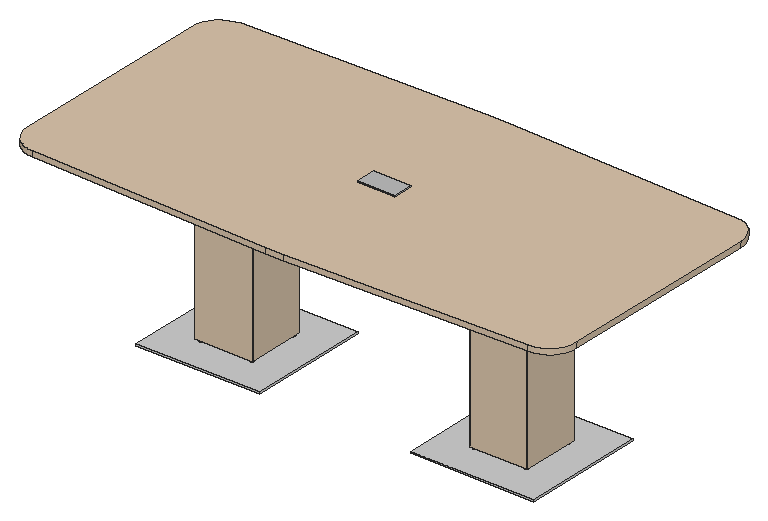
Revit family "Haworth_Planes_ColumnBaseConferenceTable_HexagonOnePiece", category Furniture Systems, Revit 2018
Family settings
  Round Connector Dimension = Use Diameter
  Part Type = Normal
  OmniClass Number = 23.40.70.14.64.21
  OmniClass Title = Systems Furniture
  Work Plane-Based = No
  Always vertical = Yes
  Cut with Voids When Loaded = No
  Shared = No
  Room Calculation Point = No
Parameters (values of type "120w 60d")
  Worksurface Finish [instance] = Haworth _ Laminate _ Maple H-AE
  Worksurface Edge Finish [instance] = Haworth _ Laminate _ Maple H-AE
  Width = 120"
  Warranty = "https://www.haworth.com/resources/product-info/warranties"
  URL - Product = "https://www.haworth.com/products/tables/conference/planes"
  Trim Finish = Haworth _ Laminate _ Maple H-AE
  Sustainability Info = "https://haworth.com/company-info/sustainability"
  Support Side Offset = 30"  # constant formula
  Standard Widths = "96, 102, 108, 114, 120 in."  # constant formula
  Standard Heights = "21, 29, 41 in."  # constant formula
  Standard Depths = "42, 48, 54, 60 in."  # constant formula
  Opening Single Wide = no
  Opening Single = not(or(Opening Single Wide, Opening Double, Opening Double Wide))  # yes
  Opening Left/Right = not(Opening Center)  # no
  Opening Double Wide = no
  Opening Double = no
  Opening Center = yes
  Model = "TARX"  # constant formula
  Min. Depth = 42"  # constant formula
  Max. Depth = 60"  # constant formula
  URL = "www.haworth.com"
  Support Height = Actual Height - Table Thickness  # 39 13/16"
  Size = "Verify Final Dim. w/ Haworth"  # constant formula
  Revision Number = "1"  # constant formula
  Min. Width = 96"  # constant formula
  Max. Width = 120"  # constant formula
  Min. Height = 21"  # constant formula
  Max. Height = 41"  # constant formula
  Manufacturer = "Haworth"  # constant formula
  Knife Edge = not(Edgeband)  # no
  Height = 41"
  Fliptop Width = Cutout Width + 1/4"  # 8 1/4"
  Fliptop Side Offset = Actual Width / 4  # 30"
  Fliptop Side Control = and(Flip Top, [Opening Left/Right])  # no
  Fliptop Depth = Cutout Depth + 3/8"  # 4 3/8"
  Fliptop Center Control = and(Flip Top, Opening Center)  # yes
  Flip Top Finish = Haworth _ Paint _ Metallic Champagne
  Flip Top = yes
  Edgeband = yes
  Description = "Haworth - Planes - Column Base Conference Table - Hexagon - One-Piece"  # constant formula
  Depth = 60"
  Cutout Width = if(or(Opening Single Wide, Opening Double Wide), 11", 8")  # 8"
  Cutout Depth = if(or(Opening Double, Opening Double Wide), 7 11/16", 4")  # 4"
  Cutout = yes
  Custom Size = not(and(or(Depth = 42", Depth = 48", Depth = 54", Depth = 60"), or(Width = 96", Width = 102", Width = 108", Width = 114", Width = 120")))  # no
  Base Finish = Haworth _ Metal _ Brushed Aluminum
  Author = "Haworth (Alias)"  # constant formula
  Assembly Code = "E2020200"
  Actual Width = if(Width > Max. Width, Max. Width, if(Width < Min. Width, Min. Width, Width))  # 120"
  Actual Height = if(Height > Max. Height, Max. Height, if(Height < Min. Height, Min. Height, Height))  # 41"
  Table Thickness = 1 3/16"  # constant formula
  Actual Depth = if(Depth > Max. Depth, Max. Depth, if(Depth < Min. Depth, Min. Depth, Depth))  # 60"
Reference planes (in)
  plane 1 "Center F/B": y = -0.15866
  plane 2 "Floor": z = 0
  plane 3 "Center L/R": x = 0
  plane 4 "Table Edge Left": x = -60
  plane 5 "Table Edge Right": x = 60
  plane 6 "Table Bottom": z = 41
  plane 7 "Left Support": x = -30
  plane 8 "Right Support": x = 30
  plane 9 "Worksurface Bottom": z = 39.8125
  plane 10 "Back": y = 29.84134
  plane 11 "Front": y = -30.15866
  plane 12 "Fliptop Left": x = -30
  plane 13 "Fliptop Right": x = 30
Dimensions and locks (in)
  "Actual Width": plane 4 "Table Edge Left" to plane 5 "Table Edge Right"
  equal spacing: plane 4 "Table Edge Left", plane 3 "Center L/R", plane 5 "Table Edge Right"
  "Actual Height": plane 6 "Table Bottom" to level
  "Support Side Offset": plane 4 "Table Edge Left" to plane 7 "Left Support"
  "Support Side Offset": plane 8 "Right Support" to plane 5 "Table Edge Right"
  equal spacing: plane 10 "Back", plane 1 "Center F/B", plane 11 "Front"
  "Actual Depth": plane 10 "Back" to plane 11 "Front"
  "Table Thickness": plane 6 "Table Bottom" to plane 9 "Worksurface Bottom"
  "Fliptop Side Offset": plane 4 "Table Edge Left" to plane 12 "Fliptop Left"
  "Fliptop Side Offset": plane 13 "Fliptop Right" to plane 5 "Table Edge Right"
  aligned and locked: plane 2 "Floor" to nested 1
  aligned and locked: plane 2 "Floor" to nested 2
  aligned and locked: plane 1 "Center F/B" to nested 1
  aligned and locked: plane 1 "Center F/B" to nested 2
  aligned and locked: plane 7 "Left Support" to nested 2
  aligned and locked: plane 8 "Right Support" to nested 1
  aligned and locked: plane 3 "Center L/R" to nested 3
  aligned and locked: plane 1 "Center F/B" to nested 3
  aligned and locked: nested 4 to plane 13 "Fliptop Right"
  aligned and locked: plane 1 "Center F/B" to nested 4
  aligned and locked: plane 12 "Fliptop Left" to nested 5
  aligned and locked: plane 1 "Center F/B" to nested 5
  aligned and locked: plane 1 "Center F/B" to nested 6
  aligned and locked: plane 3 "Center L/R" to nested 6
  aligned and locked: plane 2 "Floor" to nested 6
Nested families (in)
  nested 1: "Haworth_Planes_ColumnBase_Part" at (30, -3.78366, 0), type "Square"
    with Actual Height 39 13/16"
  nested 2: "Haworth_Planes_ColumnBase_Part" at (-30, -3.78366, 0), type "Square"
    with Actual Height 39 13/16"
  nested 3: "Haworth_Worksurface_FlipTop_Unit_Part" at (-0.57037, -0.21114, 41), built-in parameter 1001364 <- "Actual Height", visible <- "Fliptop Center Control", type "Flip Top"
  nested 4: "Haworth_Worksurface_FlipTop_Unit_Part" at (29.42963, -0.21114, 41), built-in parameter 1001364 <- "Actual Height", visible <- "Fliptop Side Control", type "Flip Top"
  nested 5: "Haworth_Worksurface_FlipTop_Unit_Part" at (-30.57037, -0.21114, 41), built-in parameter 1001364 <- "Actual Height", visible <- "Fliptop Side Control", type "Flip Top"
  nested 6: "Haworth_Planes_Conference_Worksurface_HexagonOnePiece_Part" at (0, -15.15866, 0), type "Worksurface"
    with Opening Left/Right no, Knife Edge no, Cutout Side Dimension 1", Cutout Side Control no, Actual Height 41"
Definition of nested family "Haworth_Planes_ColumnBase_Part"
  Parameters (values of type "Square")
    Warranty = "http://www.haworth.com/resources/product-info/warranties"
    URL - Product = "http://www.haworth.com/products/tables/conference/planes"
    URL = "www.haworth.com"
    Trim Finish = none
    Top Gap = 1 1/2"  # constant formula
    Sustainability Info = "http://www.haworth.com/company-info/sustainablility"
    Support Finish = none
    Size = "Verify Final Dim. w/ Haworth"  # constant formula
    Revision Number = "2"  # constant formula
    Model = "Haworth - Planes - Enhanced Column Base - LIMITED"  # constant formula
    Min. Height = 27"  # constant formula
    Max. Height = 36"  # constant formula
    Manufacturer = "Haworth"  # constant formula
    Description = "Haworth - Planes - Enhanced Column Base - LIMITED"  # constant formula
    Column Frame Width 9 = no
    Column Frame Width 12 = yes
    Cladding Thickness = 1/8"  # constant formula
    Cladding Square = yes
    Cladding Round = no
    Cladding Radius = 8 1/2"  # constant formula
    Base Plate Square = yes
    Base Plate Round = no
    Base Plate Radius = 15"  # constant formula
    Base Height Offset = 3/8"  # constant formula
    Base Finish = none
    Base Depth Offset = 7 1/8"  # constant formula
    Author = "Haworth (Hampton)"  # constant formula
    Assembly Code = "E2020200"
    Actual Width = 12 3/4"  # constant formula
    Actual Height = 27 3/16"
    Actual Depth = 12 3/4"  # constant formula
  Types (2): name | Cladding Square | Cladding Round | Base Plate Square | Base Plate Round
    Square | yes | no | yes | no
    Round | no | yes | no | yes
  Reference planes (in)
    plane 1 "Center F/B": y = 3.625
    plane 2 "Bottom": z = 0
    plane 3 "Center L/R": x = 0
    plane 4 "Left": x = -6.375
    plane 5 "Right": x = 6.375
    plane 6 "Front": y = -2.75
    plane 7 "Top": z = 27.1875
    plane 8 "Back": y = 10
    plane 9: y = 9.25
    plane 10: x = 5.625
    plane 11: x = -5.625
    plane 12: y = -2
    plane 13 "Panel Top": z = 25.6875
    plane 14 "Base Plate Top": z = 0.375
    plane 15 "Panel Bottom": z = 0.75
    plane 16: x = -6.25
    plane 17: x = 6.25
    plane 18: y = 9.875
    plane 19: y = -2.625
    plane 20 "Plate Back": y = 17.125
    plane 21 "Plate Front": y = -9.875
    plane 22 "Plate Left": x = -13.5
    plane 23 "Plate Right": x = 13.5
    plane 24 "Angel 2": through (6.375, 10, 48) normal (0.7071, -0.7071, 0)
    plane 25 "Angel 1": through (-6.375, 10, 48) normal (0.7071, 0.7071, 0)
    plane 26: through (6.375, -2.75, 48) normal (-0.7071, -0.7071, 0)
    plane 27: through (6.375, 10, 48) normal (0.7071, -0.7071, 0)
    plane 28: through (-6.375, -2.75, 48) normal (-0.7071, 0.7071, 0)
    plane 29: through (6.375, -2.75, 48) normal (-0.7071, -0.7071, 0)
    plane 30: through (-6.375, 10, 48) normal (0.7071, 0.7071, 0)
    plane 31: through (-6.375, -2.75, 48) normal (-0.7071, 0.7071, 0)
  Forms (in)
    Extrusion 1, solid, material <- "Trim Finish", visible <- "Cladding Square"
      sketch origin (0, 0, 0) x (1, 0, 0) y (0, 1, 0)
        loop
          line (-6.375, 9.875) -> (-6.375, -2.625) -> (-6.25, -2.625) -> (-6.25, 9.875) -> (-6.375, 9.875)
      from 0.75 to 25.6875
    Extrusion 2, solid, material <- "Trim Finish", visible <- "Cladding Square"
      sketch origin (0, 0, 0) x (1, 0, 0) y (0, 1, 0)
        loop
          line (-6.25, 10) -> (-6.25, 9.875) -> (6.25, 9.875) -> (6.25, 10) -> (-6.25, 10)
      from 0.75 to 25.6875
    Extrusion 3, solid, material <- "Trim Finish", visible <- "Cladding Square"
      sketch origin (0, 0, 0) x (1, 0, 0) y (0, 1, 0)
        loop
          line (6.25, 9.875) -> (6.25, -2.625) -> (6.375, -2.625) -> (6.375, 9.875) -> (6.25, 9.875)
      from 0.75 to 25.6875
    Extrusion 4, solid, material <- "Trim Finish", visible <- "Cladding Square"
      sketch origin (0, 0, 0) x (1, 0, 0) y (0, 1, 0)
        loop
          line (-6.25, -2.625) -> (-6.25, -2.75) -> (6.25, -2.75) -> (6.25, -2.625) -> (-6.25, -2.625)
      from 0.75 to 25.6875
    Extrusion 5, solid, material <- "Support Finish"
      sketch origin (0, 0, 0) x (1, 0, 0) y (0, 1, 0)
        loop
          circle (-5.625, 9.25) r 0.375
        loop
          circle (5.625, 9.25) r 0.375
        loop
          circle (5.625, -2) r 0.375
        loop
          circle (-5.625, -2) r 0.375
      from 0.375 to 27.1875
    Extrusion 6, solid, material <- "Base Finish", visible <- "Base Plate Square"
      sketch origin (0, 0, 0) x (1, 0, 0) y (0, 1, 0)
        loop
          line (-13.5, 17.125) -> (-13.5, -9.875) -> (13.5, -9.875) -> (13.5, 17.125) -> (-13.5, 17.125)
      from 0 to 0.375
    Extrusion 7, solid, material <- "Base Finish", visible <- "Base Plate Round"
      sketch origin (0, 0, 0) x (1, 0, 0) y (0, 1, 0)
        loop
          circle (0, 3.625) r 15
      from 0 to 0.375
    Extrusion 8, solid, material <- "Trim Finish", visible <- "Cladding Round"
      sketch origin (0, 0, 0) x (1, 0, 0) y (0, 1, 0)
        loop
          arc (-6.01041, 9.63541) -> (0, 12.125) -> (6.01041, 9.63541) r 8.5
          line (6.01041, 9.63541) -> (6.01041, 9.81092)
          arc (6.01041, 9.81092) -> (0, 12.25) -> (-6.01041, 9.81092) r 8.625
          line (-6.01041, 9.81092) -> (-6.01041, 9.63541)
      from 0.75 to 25.6875
    Extrusion 9, solid, material <- "Trim Finish", visible <- "Cladding Round"
      sketch origin (-3.625, 3.625, 0) x (0, -1, 0) y (1, 0, 0)
        loop
          arc (-6.01041, 9.63541) -> (0, 12.125) -> (6.01041, 9.63541) r 8.5
          line (6.01041, 9.63541) -> (6.01041, 9.81092)
          arc (6.01041, 9.81092) -> (0, 12.25) -> (-6.01041, 9.81092) r 8.625
          line (-6.01041, 9.81092) -> (-6.01041, 9.63541)
      from 0.75 to 25.6875
    Extrusion 10, solid, material <- "Trim Finish", visible <- "Cladding Round"
      sketch origin (0, 7.25, 0) x (-1, 0, 0) y (0, -1, 0)
        loop
          arc (-6.01041, 9.63541) -> (0, 12.125) -> (6.01041, 9.63541) r 8.5
          line (6.01041, 9.63541) -> (6.01041, 9.81092)
          arc (6.01041, 9.81092) -> (0, 12.25) -> (-6.01041, 9.81092) r 8.625
          line (-6.01041, 9.81092) -> (-6.01041, 9.63541)
      from 0.75 to 25.6875
    Extrusion 11, solid, material <- "Trim Finish", visible <- "Cladding Round"
      sketch origin (3.625, 3.625, 0) x (0, 1, 0) y (-1, 0, 0)
        loop
          arc (-6.01041, 9.63541) -> (0, 12.125) -> (6.01041, 9.63541) r 8.5
          line (6.01041, 9.63541) -> (6.01041, 9.81092)
          arc (6.01041, 9.81092) -> (0, 12.25) -> (-6.01041, 9.81092) r 8.625
          line (-6.01041, 9.81092) -> (-6.01041, 9.63541)
      from 0.75 to 25.6875
  Lines and regions (in)
    symbolic lines, visible <- "Base Plate Square", detail levels medium+fine
      curve 1: line (-13.5, 17.125, 0) -> (13.5, 17.125, 0)
      curve 2: line (13.5, 17.125, 0) -> (13.5, -9.875, 0)
      curve 3: line (13.5, -9.875, 0) -> (-13.5, -9.875, 0)
      curve 4: line (-13.5, -9.875, 0) -> (-13.5, 17.125, 0)
    symbolic lines, visible <- "Cladding Square", detail levels medium+fine
      curve 5: line (-6.375, 10, 0) -> (6.375, 10, 0)
      curve 6: line (6.375, 10, 0) -> (6.375, -2.75, 0)
      curve 7: line (6.375, -2.75, 0) -> (-6.375, -2.75, 0)
      curve 8: line (-6.375, -2.75, 0) -> (-6.375, 10, 0)
    model lines, visible <- "Base Plate Round"
      curve 9: circle (0, 3.625, 0) r 15 normal (0, 0, 1)
    symbolic lines, visible <- "Base Plate Round", detail levels medium+fine
      curve 10: circle (0, 3.625, 0) r 8.5 normal (0, 0, 1)
  Dimensions and locks (in)
    equal spacing: plane 8 "Back", plane 1 "Center F/B", plane 6 "Front"
    "Actual Depth": plane 8 "Back" to plane 6 "Front"
    equal spacing: plane 4 "Left", plane 3 "Center L/R", plane 5 "Right"
    "Actual Width": plane 4 "Left" to plane 5 "Right"
    "Actual Height": plane 7 "Top" to level
    locked: plane 4 "Left" to plane 11 at 0.75
    locked: plane 10 to plane 5 "Right" at 0.75
    locked: plane 8 "Back" to plane 9 at 0.75
    locked: plane 12 to plane 6 "Front" at 0.75
    "Base Height Offset": plane 14 "Base Plate Top" to level
    "Base Height Offset": plane 15 "Panel Bottom" to plane 14 "Base Plate Top"
    "Top Gap": plane 7 "Top" to plane 13 "Panel Top"
    "Base Depth Offset": plane 22 "Plate Left" to plane 4 "Left"
    "Base Depth Offset": plane 5 "Right" to plane 23 "Plate Right"
    "Base Depth Offset": plane 21 "Plate Front" to plane 6 "Front"
    "Base Depth Offset": plane 20 "Plate Back" to plane 8 "Back"
    "Cladding Thickness": plane 8 "Back" to plane 18
    "Cladding Thickness": plane 19 to plane 6 "Front"
    "Cladding Thickness": plane 4 "Left" to plane 16
    "Cladding Thickness": plane 17 to plane 5 "Right"
    "Base Plate Radius": radius of Extrusion 7 sketch curve
    "Base Plate Radius": radius of curve 9
    "Cladding Radius": radius of Extrusion 8 sketch curve
    "Cladding Radius": radius of curve 10
    "Cladding Radius": radius of Extrusion 9 sketch curve
    "Cladding Radius": radius of Extrusion 10 sketch curve
    "Cladding Radius": radius of Extrusion 11 sketch curve
    aligned and locked: Extrusion 1 sketch curve to plane 19
    aligned and locked: plane 4 "Left" to Extrusion 1 sketch curve
    aligned and locked: Extrusion 1 sketch curve to plane 16
    aligned and locked: Extrusion 1 sketch curve to plane 18
    aligned and locked: Extrusion 2 sketch curve to plane 8 "Back"
    aligned and locked: plane 18 to Extrusion 2 sketch curve
    aligned and locked: plane 16 to Extrusion 2 sketch curve
    aligned and locked: plane 17 to Extrusion 2 sketch curve
    aligned and locked: Extrusion 3 sketch curve to plane 19
    aligned and locked: Extrusion 3 sketch curve to plane 18
    aligned and locked: Extrusion 3 sketch curve to plane 17
    aligned and locked: plane 5 "Right" to Extrusion 3 sketch curve
    aligned and locked: plane 16 to Extrusion 4 sketch curve
    aligned and locked: plane 17 to Extrusion 4 sketch curve
    aligned and locked: plane 19 to Extrusion 4 sketch curve
    aligned and locked: plane 6 "Front" to Extrusion 4 sketch curve
    aligned and locked: plane 13 "Panel Top" to Extrusion 4
    aligned and locked: Extrusion 4 to plane 15 "Panel Bottom"
    aligned and locked: plane 13 "Panel Top" to Extrusion 2
    aligned and locked: Extrusion 2 to plane 15 "Panel Bottom"
    aligned and locked: Extrusion 1 to plane 15 "Panel Bottom"
    aligned and locked: plane 13 "Panel Top" to Extrusion 1
    aligned and locked: Extrusion 3 to plane 15 "Panel Bottom"
    aligned and locked: plane 13 "Panel Top" to Extrusion 3
    aligned and locked: Extrusion 5 to plane 14 "Base Plate Top"
    aligned and locked: plane 7 "Top" to Extrusion 5
    aligned and locked: plane 22 "Plate Left" to Extrusion 6 sketch curve
    aligned and locked: Extrusion 6 sketch curve to plane 21 "Plate Front"
    aligned and locked: plane 23 "Plate Right" to Extrusion 6 sketch curve
    aligned and locked: Extrusion 6 sketch curve to plane 20 "Plate Back"
    aligned and locked: Extrusion 6 to plane 2 "Bottom"
    aligned and locked: Extrusion 6 to plane 14 "Base Plate Top"
    aligned and locked: curve 1 to plane 20 "Plate Back"
    aligned and locked: plane 22 "Plate Left" to curve 4
    aligned and locked: curve 3 to plane 21 "Plate Front"
    aligned and locked: plane 23 "Plate Right" to curve 2
    aligned and locked: plane 5 "Right" to curve 6
    aligned and locked: curve 5 to plane 8 "Back"
    aligned and locked: plane 4 "Left" to curve 8
    aligned and locked: plane 6 "Front" to curve 7
    aligned and locked: Extrusion 7 to plane 2 "Bottom"
    aligned and locked: Extrusion 7 to plane 14 "Base Plate Top"
    aligned and locked: plane 13 "Panel Top" to Extrusion 8
    aligned and locked: Extrusion 8 to plane 15 "Panel Bottom"
    aligned and locked: Extrusion 11 to plane 15 "Panel Bottom"
    aligned and locked: Extrusion 10 to plane 15 "Panel Bottom"
    aligned and locked: Extrusion 9 to plane 15 "Panel Bottom"
    aligned and locked: plane 13 "Panel Top" to Extrusion 11
    aligned and locked: plane 13 "Panel Top" to Extrusion 10
    aligned and locked: plane 13 "Panel Top" to Extrusion 9
    aligned and locked: Extrusion 11 to Extrusion 1  (x2)
    aligned and locked: Extrusion 2 to Extrusion 10  (x2)
    aligned and locked: Extrusion 9 to Extrusion 2
    aligned and locked: Extrusion 2 to Extrusion 9
    aligned and locked: Extrusion 2 to Extrusion 8  (x2)
    aligned and locked: Extrusion 4 to Extrusion 1
    aligned and locked: Extrusion 1 to Extrusion 4
  Automatic sketch dimensions
    Extrusion 5 sketch curve to plane 11 = 0"  (x2)
    Extrusion 5 sketch curve to plane 9 = 0"  (x2)
    Extrusion 5 sketch curve to plane 10 = 0"  (x2)
    Extrusion 5 sketch curve to plane 12 = 0"  (x2)
    curve 9 to curve 10 = 0"  (x2)
    plane 1 "Center F/B" to curve 9 = 0"
    curve 9 to plane 3 "Center L/R" = 0"
    plane 1 "Center F/B" to Extrusion 7 sketch curve = 0"
    Extrusion 7 sketch curve to plane 3 "Center L/R" = 0"
    Extrusion 8 sketch curve to Extrusion 8 sketch curve = 0"  (x2)
    plane 25 "Angel 1" to Extrusion 8 sketch curve = 0"
    plane 1 "Center F/B" to Extrusion 8 sketch curve = 0"
    Extrusion 8 sketch curve to plane 3 "Center L/R" = 0"
    plane 24 "Angel 2" to Extrusion 8 sketch curve = 0"
    Extrusion 8 sketch curve to plane 18 = 0.06408"
    Extrusion 9 sketch curve to Extrusion 9 sketch curve = 0"  (x2)
    Extrusion 9 sketch curve to plane 27 = 0"
    plane 1 "Center F/B" to Extrusion 9 sketch curve = 0"
    plane 26 to Extrusion 9 sketch curve = 0"
    Extrusion 9 sketch curve to plane 3 "Center L/R" = 0"
    plane 17 to Extrusion 9 sketch curve = 0.06408"
    Extrusion 10 sketch curve to Extrusion 10 sketch curve = 0"  (x2)
    Extrusion 10 sketch curve to plane 29 = 0"
    plane 1 "Center F/B" to Extrusion 10 sketch curve = 0"
    Extrusion 10 sketch curve to plane 3 "Center L/R" = 0"
    Extrusion 10 sketch curve to plane 28 = 0"
    Extrusion 10 sketch curve to plane 19 = 0.06408"
    Extrusion 11 sketch curve to Extrusion 11 sketch curve = 0"  (x2)
    plane 31 to Extrusion 11 sketch curve = 0"
    plane 1 "Center F/B" to Extrusion 11 sketch curve = 0"
    Extrusion 11 sketch curve to plane 30 = 0"
    Extrusion 11 sketch curve to plane 3 "Center L/R" = 0"
    plane 16 to Extrusion 11 sketch curve = 0.06408"
    radius of Extrusion 5 sketch curve = 3/8"  (x4)
Definition of nested family "Haworth_Worksurface_FlipTop_Unit_Part"
  Parameters (values of type "Flip Top")
    Warranty = "https://www.haworth.com/resources/product-info/warranties"
    URL - Product = "https://www.haworth.com/products/tables/conference/planes"
    URL = "www.haworth.com"
    Sustainability Info = "https://www.haworth.com/company-info/sustainability"
    Size = "Verify Final Dim. w/ Haworth"  # constant formula
    Revision Number = "2"  # constant formula
    Model = "Haworth_Worksurface-Flip_Top_Unit"  # constant formula
    Manufacturer = "Haworth"  # constant formula
    LEED Data = "www.haworth.com/_layouts/Haworth.ProductCatalog/Handlers/GetAsset.ashx/ComposeLEEDContributions.pdf?cid=27&rid=1824&type=Leed"
    Flip Top Finish = none
    Description = "Haworth Worksurface-Flip Top Unit - Part"
    Default Elevation = 48"
    Author = "Haworth (Alias), SHAPE Environments, LLC"  # constant formula
    Assembly Code = "E2020200"
    Actual Width = 8 1/4"
    Actual Depth = 4 3/8"
  Reference planes (in)
    plane 1 "Center F/B": y = 0.05249
    plane 2: z = 0
    plane 3 "Center L/R": x = 0.57037
    plane 4 "Back": y = 2.23999
    plane 5 "Right": x = 4.69537
    plane 6 "Front": y = -2.13501
    plane 7 "Left": x = -3.55463
    plane 8 "Table Height": z = 0
  Forms (in)
    Extrusion 1, solid, material <- "Flip Top Finish"
      sketch origin (0, 0, 0) x (-1, 0, 0) y (0, -1, 0)
        loop
          line (3.55463, -2.23999) -> (3.55463, 2.13501) -> (-4.69537, 2.13501) -> (-4.69537, -2.23999) -> (3.55463, -2.23999)
      from 0 to 0.125
    Extrusion 2, solid, material <- "Flip Top Finish"
      sketch origin (0, 0, 0) x (-1, 0, 0) y (0, -1, 0)
        loop
          line (3.42963, -2.05249) -> (3.42963, 1.94751) -> (-4.57037, 1.94751) -> (-4.57037, -2.05249) -> (3.42963, -2.05249)
      from 0 to -2.75
  Cuts and joins
    joined: Extrusion 1, Extrusion 2
  Lines and regions (in)
    Masking region 1
      outline origin (0, 0, 0) x (1, 0, 0) y (0, 1, 0)
        loop
          line (-3.55463, 2.23999) -> (-3.55463, -2.13501) -> (4.69537, -2.13501) -> (4.69537, 2.23999) -> (-3.55463, 2.23999)
  Dimensions and locks (in)
    equal spacing: plane 7 "Left", plane 3 "Center L/R", plane 5 "Right"
    "Actual Width": plane 7 "Left" to plane 5 "Right"
    equal spacing: plane 6 "Front", plane 1 "Center F/B", plane 4 "Back"
    "Actual Depth": plane 4 "Back" to plane 6 "Front"
    plane 7 "Left" to Extrusion 2 sketch curve = 1/8"
    plane 4 "Back" to Extrusion 2 sketch curve = 3/16"
    Extrusion 2 sketch curve to plane 5 "Right" = 1/8"
    Extrusion 2 sketch curve to plane 6 "Front" = 3/16"
    locked: plane 8 "Table Height" to level
    aligned and locked: plane 7 "Left" to Extrusion 1 sketch curve
    aligned and locked: Extrusion 1 sketch curve to plane 4 "Back"
    aligned and locked: plane 6 "Front" to Extrusion 1 sketch curve
    aligned and locked: Extrusion 1 sketch curve to plane 5 "Right"
    aligned and locked: Masking region 1 sketch curve to cut or joined group of Extrusion 1, Extrusion 2  (x3)
    aligned and locked: cut or joined group of Extrusion 1, Extrusion 2 to Masking region 1 sketch curve
Definition of nested family "Haworth_Planes_Conference_Worksurface_HexagonOnePiece_Part"
  Parameters (values of type "Worksurface")
    Warranty = "https://www.haworth.com/resources/product-info/warranties"
    URL - Product = "https://www.haworth.com/products/tables/conference/planes"
    URL = "www.haworth.com"
    Table Thickness = 1 3/16"  # constant formula
    Table Finish = none
    Table Edge Finish = none
    Revision Number = ""
    Opening Left/Right = yes
    Opening Center = yes
    Note = "Verify Final Dim. w/ Haworth"  # constant formula
    Model = "Haworth Planes"  # constant formula
    Manufacturer = "Haworth"  # constant formula
    Knife Edge = yes
    Edgeband = yes
    Description = "Haworth Planes Conference - Hexagon Worksurface - Part"
    Cutout Width = 8"
    Cutout Side Offset = Actual Width / 4  # 30"
    Cutout Side Dimension = if(and(Cutout, [Opening Left/Right]), 3", 1")  # 3"
    Cutout Side Control = and(Cutout, [Opening Left/Right])  # yes
    Cutout Center Dimension = if(and(Cutout, Opening Center), 3", 1")  # 3"
    Cutout Depth = 4"
    Cutout Center Control = and(Cutout, Opening Center)  # yes
    Cutout = yes
    Author = "Haworth (Alias)"  # constant formula
    Assembly Code = ""
    Actual Width = 120"
    Actual Height = 29"
    Actual Depth = 60"
  Reference planes (in)
    plane 1 "Center F/B": y = 15
    plane 2 "Bottom": z = 0
    plane 3 "Center L/R": x = 0
    plane 4 "Table Front": y = 45
    plane 5 "Table Right": x = 60
    plane 6 "Table Left": x = -60
    plane 7 "Table Back": y = -15
    plane 8 "Table Top": z = 29
    plane 9 "Table Bottom": z = 27.8125
    plane 10 "Cutout Top": z = 30
    plane 11 "Cutout Center Bottom": z = 27
    plane 12 "KnifeEdge Middle": z = 28.625
    plane 13 "Cutout Left": x = -30
    plane 14 "Cutout Right": x = 30
    plane 15 "Cutout Side Bottom": z = 27
  Forms (in)
    Extrusion 1, solid, material <- "Table Finish", visible <- "Edgeband"
      sketch origin (0, 0, 0) x (1, 0, 0) y (0, 1, 0)
        loop
          line (-60, 37.45259) -> (-60, -7.45259)
          arc (-60, -7.45259) -> (-58.3202, -11.61623) -> (-54.22137, -13.44851) r 6
          line (-54.22137, -13.44851) -> (-1.99299, -14.93373)
          arc (-1.99299, -14.93373) -> (0, -14.96685) -> (1.99299, -14.93373) r 59.96685
          line (1.99299, -14.93373) -> (54.22137, -13.44851)
          arc (54.22137, -13.44851) -> (58.3202, -11.61623) -> (60, -7.45259) r 6
          line (60, -7.45259) -> (60, 37.45259)
          arc (60, 37.45259) -> (58.3202, 41.61623) -> (54.22137, 43.44851) r 6
          line (54.22137, 43.44851) -> (1.99299, 44.93373)
          arc (1.99299, 44.93373) -> (0, 44.96685) -> (-1.99299, 44.93373) r 59.96685
          line (-1.99299, 44.93373) -> (-54.22137, 43.44851)
          arc (-54.22137, 43.44851) -> (-58.3202, 41.61623) -> (-60, 37.45259) r 6
      from 27.8125 to 29
    Extrusion 2, void
      sketch origin (0, 0, 29) x (-1, 0, 0) y (0, -1, 0)
        loop
          line (4, -17) -> (4, -13) -> (-4, -13) -> (-4, -17) -> (4, -17)
      from -2 to 1
    Extrusion 3, solid, material <- "Table Finish", visible <- "Knife Edge"
      sketch origin (0, 0, 0) x (1, 0, 0) y (0, 1, 0)
        loop
          line (-60, 37.45259) -> (-60, -7.45259)
          arc (-60, -7.45259) -> (-58.3202, -11.61623) -> (-54.22137, -13.44851) r 6
          line (-54.22137, -13.44851) -> (-1.99299, -14.93373)
          arc (-1.99299, -14.93373) -> (0, -14.96685) -> (1.99299, -14.93373) r 59.96685
          line (1.99299, -14.93373) -> (54.22137, -13.44851)
          arc (54.22137, -13.44851) -> (58.3202, -11.61623) -> (60, -7.45259) r 6
          line (60, -7.45259) -> (60, 37.45259)
          arc (60, 37.45259) -> (58.3202, 41.61623) -> (54.22137, 43.44851) r 6
          line (54.22137, 43.44851) -> (1.99299, 44.93373)
          arc (1.99299, 44.93373) -> (0, 44.96685) -> (-1.99299, 44.93373) r 59.96685
          line (-1.99299, 44.93373) -> (-54.22137, 43.44851)
          arc (-54.22137, 43.44851) -> (-58.3202, 41.61623) -> (-60, 37.45259) r 6
      from 28.625 to 29
    Blend 4, solid, material <- "Table Finish", visible <- "Knife Edge"
      base sketch origin (0, 0, 0) x (1, 0, 0) y (0, 1, 0)
        loop
          line (-3.22295, 42.88695) -> (-54.29226, 41.44453)
          arc (-54.29226, 41.44453) -> (-56.92994, 40.17836) -> (-58, 37.45522) r 4
          line (-58, 37.45522) -> (-58, -7.45522)
          arc (-58, -7.45522) -> (-56.92994, -10.17836) -> (-54.29226, -11.44453) r 4
          line (-54.29226, -11.44453) -> (-3.22295, -12.88695)
          arc (-3.22295, -12.88695) -> (0, -12.97661) -> (3.22295, -12.88695) r 57.97661
          line (3.22295, -12.88695) -> (54.29226, -11.44453)
          arc (54.29226, -11.44453) -> (56.92994, -10.17836) -> (58, -7.45522) r 4
          line (58, -7.45522) -> (58, 37.45522)
          arc (58, 37.45522) -> (56.92994, 40.17836) -> (54.29226, 41.44453) r 4
          line (54.29226, 41.44453) -> (3.22295, 42.88695)
          arc (3.22295, 42.88695) -> (0, 42.97661) -> (-3.22295, 42.88695) r 57.97661
      top sketch origin (0, 0, 0) x (1, 0, 0) y (0, 1, 0)
        loop
          arc (60, 37.45522) -> (58.3813, 41.55451) -> (54.3986, 43.44196) r 6
          line (54.3986, 43.44196) -> (1.99299, 44.93373)
          arc (1.99299, 44.93373) -> (0, 44.96685) -> (-1.99299, 44.93373) r 59.96685
          line (-1.99299, 44.93373) -> (-54.3986, 43.44196)
          arc (-54.3986, 43.44196) -> (-58.3813, 41.55451) -> (-60, 37.45522) r 6
          line (-60, 37.45522) -> (-60, -7.45522)
          arc (-60, -7.45522) -> (-58.3813, -11.55451) -> (-54.3986, -13.44196) r 6
          line (-54.3986, -13.44196) -> (-1.99299, -14.93373)
          arc (-1.99299, -14.93373) -> (0, -14.96685) -> (1.99299, -14.93373) r 59.96685
          line (1.99299, -14.93373) -> (54.3986, -13.44196)
          arc (54.3986, -13.44196) -> (58.3813, -11.55451) -> (60, -7.45522) r 6
          line (60, -7.45522) -> (60, 37.45522)
      from 27.8125 to 28.625
    Extrusion 5, void
      sketch origin (0, 0, 0) x (1, 0, 0) y (0, 1, 0)
        loop
          line (-34, 17) -> (-34, 13) -> (-26, 13) -> (-26, 17) -> (-34, 17)
        loop
          line (26, 17) -> (26, 13) -> (34, 13) -> (34, 17) -> (26, 17)
      from 27 to 30
  Cuts and joins
    Extrusion 2, Extrusion 5 cuts Extrusion 1
    Extrusion 2, Extrusion 5 cuts Extrusion 3
    Extrusion 2, Extrusion 5 cuts Blend 4
  Lines and regions (in)
    Masking region 1
      outline origin (0, 0, 0) x (1, 0, 0) y (0, 1, 0)
        loop
          line (-1.99299, 44.93373) -> (-54.3986, 43.44196)
          arc (-54.3986, 43.44196) -> (-58.3813, 41.55451) -> (-60, 37.45522) r 6
          line (-60, 37.45522) -> (-60, -7.45522)
          arc (-60, -7.45522) -> (-58.3813, -11.55451) -> (-54.3986, -13.44196) r 6
          line (-54.3986, -13.44196) -> (-1.99299, -14.93373)
          arc (-1.99299, -14.93373) -> (0, -14.96685) -> (1.99299, -14.93373) r 59.96685
          line (1.99299, -14.93373) -> (54.3986, -13.44196)
          arc (54.3986, -13.44196) -> (58.3813, -11.55451) -> (60, -7.45522) r 6
          line (60, -7.45522) -> (60, 37.45522)
          arc (60, 37.45522) -> (58.3813, 41.55451) -> (54.3986, 43.44196) r 6
          line (54.3986, 43.44196) -> (1.99299, 44.93373)
          arc (1.99299, 44.93373) -> (0, 44.96685) -> (-1.99299, 44.93373) r 59.96685
    symbolic lines, visible <- "Cutout Center Control"
      curve 1: line (4, 13, 0) -> (-4, 13, 0)
      curve 2: line (-4, 13, 0) -> (-4, 17, 0)
      curve 3: line (-4, 17, 0) -> (4, 17, 0)
      curve 4: line (4, 17, 0) -> (4, 13, 0)
    symbolic lines, visible <- "Cutout Side Control"
      curve 5: line (-26, 13, 0) -> (-34, 13, 0)
      curve 6: line (-34, 13, 0) -> (-34, 17, 0)
      curve 7: line (-34, 17, 0) -> (-26, 17, 0)
      curve 8: line (-26, 17, 0) -> (-26, 13, 0)
      curve 9: line (34, 13, 0) -> (26, 13, 0)
      curve 10: line (26, 13, 0) -> (26, 17, 0)
      curve 11: line (26, 17, 0) -> (34, 17, 0)
      curve 12: line (34, 17, 0) -> (34, 13, 0)
    symbolic lines, visible <- "Knife Edge", detail levels medium+fine
      curve 13: line (-58, -7.45522, 0) -> (-58, 37.45522, 0)
      curve 14: arc (-58, 37.45522, 0) -> (-56.92994, 40.17836, 0) -> (-54.29226, 41.44453, 0) r 4
      curve 15: line (-54.29226, 41.44453, 0) -> (-3.22295, 42.88695, 0)
      curve 16: arc (-3.22295, 42.88695, 0) -> (0, 42.97661, 0) -> (3.22295, 42.88695, 0) r 57.97661
      curve 17: line (3.22295, 42.88695, 0) -> (54.29226, 41.44453, 0)
      curve 18: arc (54.29226, 41.44453, 0) -> (56.92994, 40.17836, 0) -> (58, 37.45522, 0) r 4
      curve 19: line (58, 37.45522, 0) -> (58, -7.45522, 0)
      curve 20: arc (58, -7.45522, 0) -> (56.92994, -10.17836, 0) -> (54.29226, -11.44453, 0) r 4
      curve 21: line (54.29226, -11.44453, 0) -> (3.22295, -12.88695, 0)
      curve 22: arc (3.22295, -12.88695, 0) -> (0, -12.97661, 0) -> (-3.22295, -12.88695, 0) r 57.97661
      curve 23: line (-3.22295, -12.88695, 0) -> (-54.29226, -11.44453, 0)
      curve 24: arc (-54.29226, -11.44453, 0) -> (-56.92994, -10.17836, 0) -> (-58, -7.45522, 0) r 4
  Dimensions and locks (in)
    "Actual Depth": plane 7 "Table Back" to plane 4 "Table Front"
    "Actual Width": plane 6 "Table Left" to plane 5 "Table Right"
    equal spacing: plane 6 "Table Left", plane 3 "Center L/R", plane 5 "Table Right"
    equal spacing: plane 4 "Table Front", plane 1 "Center F/B", plane 7 "Table Back"
    "Table Thickness": plane 8 "Table Top" to plane 9 "Table Bottom"
    "Actual Height": plane 8 "Table Top" to level
    equal spacing: Extrusion 2 sketch curve, plane 3 "Center L/R", Extrusion 2 sketch curve
    "Cutout Width": Extrusion 2 sketch curve to Extrusion 2 sketch curve
    equal spacing: Extrusion 2 sketch curve, plane 1 "Center F/B", Extrusion 2 sketch curve
    "Cutout Depth": Extrusion 2 sketch curve to Extrusion 2 sketch curve
    "Cutout Center Dimension": plane 10 "Cutout Top" to plane 11 "Cutout Center Bottom"
    locked: plane 10 "Cutout Top" to plane 8 "Table Top" at 1
    locked: plane 8 "Table Top" to plane 12 "KnifeEdge Middle" at 0.375
    "Actual Depth": plane 7 "Table Back" to Extrusion 1 sketch curve
    "Actual Depth": plane 4 "Table Front" to Extrusion 1 sketch curve
    "Actual Depth": plane 7 "Table Back" to Masking region 1 sketch curve
    "Actual Depth": plane 4 "Table Front" to Masking region 1 sketch curve
    "Actual Depth": plane 7 "Table Back" to Extrusion 3 sketch curve
    "Actual Depth": plane 4 "Table Front" to Extrusion 3 sketch curve
    locked: plane 6 "Table Left" to Blend 4 sketch curve at 2
    locked: Blend 4 sketch curve to plane 5 "Table Right" at 2
    "Actual Depth": plane 7 "Table Back" to Blend 4 sketch curve  (x2)
    "Actual Depth": plane 4 "Table Front" to Blend 4 sketch curve  (x2)
    "Cutout Side Offset": plane 14 "Cutout Right" to plane 5 "Table Right"
    "Cutout Side Offset": plane 6 "Table Left" to plane 13 "Cutout Left"
    equal spacing: Extrusion 5 sketch curve, plane 1 "Center F/B", Extrusion 5 sketch curve  (x2)
    "Cutout Depth": Extrusion 5 sketch curve to Extrusion 5 sketch curve  (x2)
    equal spacing: Extrusion 5 sketch curve, plane 13 "Cutout Left", Extrusion 5 sketch curve
    "Cutout Width": Extrusion 5 sketch curve to Extrusion 5 sketch curve  (x2)
    equal spacing: Extrusion 5 sketch curve, plane 14 "Cutout Right", Extrusion 5 sketch curve
    "Cutout Side Dimension": plane 10 "Cutout Top" to plane 15 "Cutout Side Bottom"
    aligned and locked: Extrusion 1 to plane 8 "Table Top"
    aligned and locked: Extrusion 1 to plane 9 "Table Bottom"
    aligned and locked: Extrusion 1 sketch curve to plane 6 "Table Left"
    aligned and locked: Extrusion 1 sketch curve to plane 5 "Table Right"
    aligned and locked: Extrusion 2 to plane 11 "Cutout Center Bottom"
    aligned and locked: plane 10 "Cutout Top" to Extrusion 2
    aligned and locked: cut or joined group of Extrusion 1, Extrusion 2, Extrusion 5 to cut or joined group of Extrusion 1, Extrusion 2, Extrusion 5
    aligned and locked: Masking region 1 sketch curve to plane 6 "Table Left"
    aligned and locked: Masking region 1 sketch curve to plane 5 "Table Right"
    aligned and locked: plane 3 "Center L/R" to Masking region 1 sketch curve  (x2)
    aligned and locked: Extrusion 3 sketch curve to plane 5 "Table Right"
    aligned and locked: Extrusion 3 sketch curve to plane 6 "Table Left"
    aligned and locked: Extrusion 3 to plane 8 "Table Top"
    aligned and locked: Extrusion 3 to plane 12 "KnifeEdge Middle"
    aligned and locked: Blend 4 sketch curve to plane 6 "Table Left"
    aligned and locked: Blend 4 sketch curve to plane 5 "Table Right"
    aligned and locked: Blend 4 to plane 12 "KnifeEdge Middle"
    aligned and locked: Blend 4 to plane 9 "Table Bottom"
    aligned and locked: Extrusion 5 to plane 10 "Cutout Top"
    aligned and locked: Extrusion 5 to plane 15 "Cutout Side Bottom"
    aligned and locked: curve 5 to cut or joined group of Extrusion 2, Extrusion 3, Extrusion 5
    aligned and locked: curve 6 to cut or joined group of Extrusion 2, Extrusion 3, Extrusion 5
    aligned and locked: curve 7 to cut or joined group of Extrusion 2, Extrusion 3, Extrusion 5
    aligned and locked: curve 8 to cut or joined group of Extrusion 2, Extrusion 3, Extrusion 5
    aligned and locked: curve 9 to cut or joined group of Extrusion 2, Extrusion 3, Extrusion 5
    aligned and locked: curve 10 to cut or joined group of Extrusion 2, Extrusion 3, Extrusion 5
    aligned and locked: curve 11 to cut or joined group of Extrusion 2, Extrusion 3, Extrusion 5
    aligned and locked: curve 12 to cut or joined group of Extrusion 2, Extrusion 3, Extrusion 5
    aligned and locked: curve 14 to cut or joined group of Extrusion 2, Blend 4, Extrusion 5
    aligned and locked: curve 15 to cut or joined group of Extrusion 2, Blend 4, Extrusion 5
    aligned and locked: curve 16 to cut or joined group of Extrusion 2, Blend 4, Extrusion 5
    aligned and locked: curve 17 to cut or joined group of Extrusion 2, Blend 4, Extrusion 5
    aligned and locked: curve 18 to cut or joined group of Extrusion 2, Blend 4, Extrusion 5
    aligned and locked: curve 20 to cut or joined group of Extrusion 2, Blend 4, Extrusion 5
    aligned and locked: curve 21 to cut or joined group of Extrusion 2, Blend 4, Extrusion 5
    aligned and locked: curve 22 to cut or joined group of Extrusion 2, Blend 4, Extrusion 5
    aligned and locked: curve 23 to cut or joined group of Extrusion 2, Blend 4, Extrusion 5
    aligned and locked: curve 24 to cut or joined group of Extrusion 2, Blend 4, Extrusion 5
  Automatic sketch dimensions
    Extrusion 1 sketch curve to plane 3 "Center L/R" = 0"  (x2)
    Extrusion 1 sketch curve to plane 4 "Table Front" = 1.55149"  (x2)
    plane 6 "Table Left" to Extrusion 1 sketch curve = 5.77863"  (x2)
    Extrusion 1 sketch curve to plane 7 "Table Back" = 1.55149"  (x2)
    Extrusion 1 sketch curve to Extrusion 1 sketch curve = 0.22137"  (x2)
    Extrusion 1 sketch curve to plane 7 "Table Back" = 0.06627"  (x2)
    Extrusion 1 sketch curve to plane 3 "Center L/R" = 1.99299"  (x2)
    Extrusion 1 sketch curve to plane 4 "Table Front" = 0.06627"  (x2)
    Extrusion 1 sketch curve to Extrusion 1 sketch curve = 6"  (x2)
    plane 5 "Table Right" to Extrusion 1 sketch curve = 5.77863"  (x2)
    Masking region 1 sketch curve to plane 7 "Table Back" = 1.55804"  (x2)
    plane 6 "Table Left" to Masking region 1 sketch curve = 5.6014"  (x2)
    Masking region 1 sketch curve to plane 4 "Table Front" = 1.55804"  (x2)
    Masking region 1 sketch curve to Masking region 1 sketch curve = 6"  (x3)
    Masking region 1 sketch curve to Masking region 1 sketch curve = 0.3986"
    Masking region 1 sketch curve to plane 4 "Table Front" = 0.06627"  (x2)
    Masking region 1 sketch curve to plane 3 "Center L/R" = 1.99299"  (x2)
    Masking region 1 sketch curve to plane 7 "Table Back" = 0.06627"  (x2)
    plane 5 "Table Right" to Masking region 1 sketch curve = 5.6014"  (x2)
    Extrusion 3 sketch curve to plane 3 "Center L/R" = 0"  (x2)
    Extrusion 3 sketch curve to plane 4 "Table Front" = 1.55149"  (x2)
    plane 6 "Table Left" to Extrusion 3 sketch curve = 5.77863"  (x2)
    Extrusion 3 sketch curve to plane 7 "Table Back" = 1.55149"  (x2)
    Extrusion 3 sketch curve to Extrusion 3 sketch curve = 0.22137"  (x2)
    Extrusion 3 sketch curve to plane 7 "Table Back" = 0.06627"  (x2)
    Extrusion 3 sketch curve to plane 3 "Center L/R" = 1.99299"  (x2)
    Extrusion 3 sketch curve to plane 4 "Table Front" = 0.06627"  (x2)
    Extrusion 3 sketch curve to Extrusion 3 sketch curve = 6"  (x2)
    plane 5 "Table Right" to Extrusion 3 sketch curve = 5.77863"  (x2)
    Blend 4 sketch curve to plane 4 "Table Front" = 3.55547"  (x2)
    Blend 4 sketch curve to plane 7 "Table Back" = 3.55547"  (x2)
    Blend 4 sketch curve to plane 3 "Center L/R" = 0"  (x4)
    Blend 4 sketch curve to Blend 4 sketch curve = 3.70774"  (x2)
    Blend 4 sketch curve to Blend 4 sketch curve = 0.29226"  (x3)
    Blend 4 sketch curve to Blend 4 sketch curve = 4"  (x3)
    Blend 4 sketch curve to plane 3 "Center L/R" = 3.22295"  (x2)
    plane 3 "Center L/R" to Blend 4 sketch curve = 3.22295"  (x2)
    Blend 4 sketch curve to plane 4 "Table Front" = 2.11305"
    Blend 4 sketch curve to plane 7 "Table Back" = 2.11305"
    Blend 4 sketch curve to plane 7 "Table Back" = 1.55804"  (x2)
    plane 6 "Table Left" to Blend 4 sketch curve = 5.6014"  (x2)
    Blend 4 sketch curve to plane 4 "Table Front" = 1.55804"  (x2)
    Blend 4 sketch curve to Blend 4 sketch curve = 6"  (x4)
    Blend 4 sketch curve to plane 4 "Table Front" = 0.06627"  (x2)
    Blend 4 sketch curve to plane 3 "Center L/R" = 1.99299"  (x2)
    Blend 4 sketch curve to plane 7 "Table Back" = 0.06627"  (x2)
    plane 5 "Table Right" to Blend 4 sketch curve = 5.6014"  (x2)
    plane 1 "Center F/B" to curve 1 = 2"
    curve 1 to plane 3 "Center L/R" = 4"
    plane 3 "Center L/R" to curve 4 = 4"
    curve 2 to plane 1 "Center F/B" = 2"
